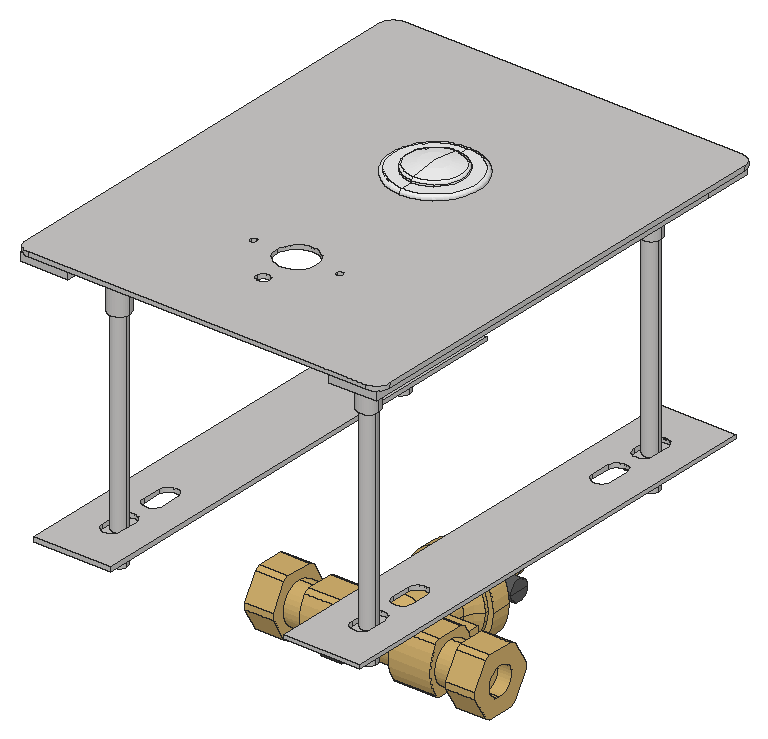
Revit family "PRD_AR_WllMntdBbTps_F3SSelfClosingWashbasinTap_F3SV10091", category Plumbing Fixtures, host Face, Revit 2023
Family settings
  Host = Face
  Round Connector Dimension = Use Diameter
  Part Type = Normal
  OmniClass Number = 23.45.05.14.99
  OmniClass Title = Other Sanitary Washing Plumbing Fixtures
  Enable Cutting in Views = Yes
  Cut with Voids When Loaded = Yes
  Maintain Annotation Orientation = No
  Shared = No
  Room Calculation Point = No
Parameters (values of type "F3SV1009")
  WorkingPressure = 0.0 Pa
  WithTransformerPowerSupply = "No"
  WithRosettesCoverPlate = "Yes"
  WaterConnection = "threaded connection (internal)"
  Waste Connection = yes
  WarrantyStartDate [instance] = "1900-12-31T23:59:59"
  WarrantyGuarantorParts = "n/a"
  WarrantyGuarantorLabor = "n/a"
  WarrantyDurationUnit = "n/a"
  WarrantyDurationParts = "n/a"
  WarrantyDurationLabor = "n/a"
  WarrantyDescription = "n/a"
  WallThickness [instance] = 130 mm
  WallThicknessControl [instance] = if(WallThickness < 60 mm, 60 mm, if(WallThickness > 500 mm, 500 mm, WallThickness))  # 130 mm
  WFU = 0
  VolumeFlowRateAt3Bar = "0.3 l/s"
  Version = "1"
  Vent Connection = yes
  ValveVerticalOffset [instance] = 0 mm
  ValvePattern = "STRAIGHT_2_PORT"
  ValveOperation = "HYDRAULIC"
  ValveOffsetFromWall [instance] = 200 mm
  ValveMechanism = "OTHER"
  ValveTurnOn [instance] = yes
  Uniclass2015Version = "Products v1.36"
  Uniclass2015Title = "Wall-mounted bib taps"
  Uniclass2015Code = "Pr_40_20_87_93"
  URL = "www.kwc-professional.com"
  TypeOfTap = "Bib tap"
  TypeOfOperation = "Manual operation"
  TypeOfMounting = "Concealed"
  TypeOfMixing = "No"
  Type IFC Predefined Type = "FLUSHING"
  ThermalDisinfection = "No"
  TestPressure = 0.0 Pa
  TemperatureLimit = "No"
  TagNumber [instance] = "n/a"
  SustainabilityPerformance = "n/a"
  SurfaceTreatmentFitting = "None"
  SurfaceFinishFitting = "Raw"
  SurfaceFinishCasing = "satin finished"
  Status = "New"
  Spout = "Fixed"
  SoundInsulation = "No"
  Size = "15"
  Shape = "n/a"
  SerialNumber [instance] = "n/a"
  Revision = "n/a"
  ReplacementCost = "n/a"
  Reference = "n/a"
  ProtectiveShutdown = "No"
  ProductInformation = "http://pim.kwc.com/product/2030067876/attachment/datasheet?locale=en"
  PopUpWasteSet = "No"
  NominalWidth = 190 mm
  NominalHeight = 245 mm
  NominalDepth = 2 mm
  Name = "F3S Self-closing washbasin tap F3SV1009"
  NBSTypeID = "n/a"
  NBSReference = "45-35-70/345"
  NBSOfficeMasterTag = "n/a"
  NBSNote = "n/a"
  NBSDescription = "Taps and water supply fittings for sinks"
  NBSCertification = "n/a"
  ModelReference = "F3SV1009"
  ModelNumber = "2030067876"
  Model = ModelReference  # "F3SV1009"
  MinimumFlowTime = "10 Seconds"
  MinimumFlowPressure = "1 bar"
  MaximumFlowTime = "20 Seconds"
  MaterialFitting = "brass-look"
  MaterialCodeCasing = "1.4301 Chrome Nickel steel V2A"
  MaterialCasing = "Stainless steel"
  Material = "stainless steel"
  ManufacturerURL = "www.kwc-professional.com"
  ManufacturerName = "KWC Group Management AG"
  Manufacturer = ManufacturerName  # "KWC Group Management AG"
  LockingMechanism = "Top section, non-ceramic"
  InstallationDate [instance] = "1900-12-31T23:59:59"
  InletSize = "G 1/2 B"
  IfcExportType = "USERDEFINED"
  IfcExportAs = "IfcValveType"
  HygieneFlushing = "No"
  HWFU = 0
  HW Connection = yes
  Grade = "n/a"
  FunctionalPrinciple = "hydraulic self-closing"
  FlowCoefficient = "0"
  Finish = "Satin finished"
  Features = "All-metal construction, visible parts polished chromium-plated. Stainless steel cover plate 190 x 245 x 2 mm. Wall outlet must be ordered separately."
  Export Type to IFC As = "IfcValveType"
  ExpectedLife = "n/a"
  DurationUnit = "n/a"
  DiameterNominal = "DN 15"
  Description = "F3S self-closing straight-way valve DN 15 for sanitary facilities, with remote control for concealed mounting. Especially suitable for facilities at risk of vandalism. Self-closing head part, hydraulically controlled for remote control, piston-free design, self-closing, for connection to pre-mixed hot water or cold water. All-metal construction, visible parts polished chromium-plated. Stainless steel cover plate 190 x 245 x 2 mm for invisible mounting via threaded rods up to a wall thickness of 50 to 500 mm, with recess for KWC wall outlet DN 15 (required separately), pre-mounted push-button actuation. Flush-mounted box, hydraulic control lines with empty conduit (2 m) and mounting material. Connection and maintenance via service room."
  Depressurised = "No"
  Default Elevation = 1219.2 mm
  CreateOn = "04/2025"  # constant formula
  CoverPlateWidth = "190 mm"
  CoverPlateHeight = "245 mm"
  Constituents = "n/a"
  CompatibleA3000Open = "No"
  Color = "stainless steel-look"
  CodePerformance = "n/a"
  CloseOffRating = 0.0 Pa
  Category = "Pr_40_20_87_93, Wall-mounted bib taps"
  CWFU = 0
  CW Connection = yes
  BuiltInFittingModel = "Finishing section"
  ButtonMaterial = PRD_AR_ChromatedBrass_HighPolished
  BodyMaterial = PRD_AR_StainlessSteel_Brushed
  Basic colour = "stainless steel-look"
  BarCode [instance] = "n/a"
  BIMObjectName = "PRD_AR_WallMountedBibTaps_F3SSelfClosingWashbasinTap_F3SV1009"
  Author = "Archispace"
  AssetType = "Fixed"
  AssetIdentifier [instance] = "n/a"
  AdjustableFlowTime = "Yes"
  AccessibilityPerformance = "n/a"
  AccentColour = "chrome-look (glossy)"
Reference planes
  plane 1 "Center (Front/Back)": y = 0
  plane 2: z = 0
  plane 3 "Center (Left/Right)": x = 0
  plane 4: y = 0
  plane 5: z = -200
  plane 6: x = -60
  plane 7: x = 60
  plane 8: y = 90
  plane 9: y = -30
  plane 10: z = -130
  plane 11: y = 94.5
  plane 12: y = -94.5
Forms (mm)
  Extrusion 1, void
    sketch origin (0, 0, 0) x (1, 0, 0) y (0, 1, 0)
      loop
        circle (0, 4.921) r 11.456
    from -25 to 17.126
  Sweep 2, void
    path origin (0, 0, 0) x (0, 1, 0) y (0, 0, 1)
      loop
        line (90, -200) -> (-30, -200)
    profile origin (0, 30, -200) x (0, 0, -1) y (1, 0, 0)
      loop
        line (-28.107, 60) -> (-28.107, -60) -> (26.893, -60) -> (26.893, 60) -> (-28.107, 60)
  Extrusion 3, void
    sketch origin (0, -530.468, -200) x (-1, 0, 0) y (0, 1, 0)
      loop
        line (68, 624.968) -> (-68, 624.968) -> (-68, 435.968) -> (68, 435.968) -> (68, 624.968)
    from -247.556 to -70
Dimensions and locks
  "ValveOffsetFromWall": level to plane 5
  "ValveVerticalOffset": plane 4 to plane 1 "Center (Front/Back)"
  Sweep 2 sketch curve to plane 5 to Sweep 2 sketch curve = 26.893 mm locked, 28.107 mm locked
  plane 8 to plane 4 to plane 9 = 90 mm locked, 30 mm locked
  plane 6 to plane 3 "Center (Left/Right)" to plane 7 = 60 mm locked, 60 mm locked
  "WallThicknessControl": level to plane 10
  Extrusion 3 to plane 3 "Center (Left/Right)" = 68 mm
  locked: plane 12 to plane 1 "Center (Front/Back)" at 94.5
  locked: plane 11 to plane 1 "Center (Front/Back)" at 94.5
  aligned and locked: plane 2 to host face
  aligned and locked: level to host face
  aligned and locked: Sweep 2 sketch curve to plane 5
  aligned and locked: plane 8 to Sweep 2 sketch curve
  aligned and locked: plane 9 to Sweep 2 sketch curve
  aligned and locked: Sweep 2 sketch curve to plane 6
  aligned and locked: plane 7 to Sweep 2 sketch curve
  aligned and locked: plane 3 "Center (Left/Right)" to nested 2
  aligned and locked: plane 4 to nested 2
  aligned and locked: nested 2 to plane 5
  aligned and locked: nested 1 to level
  aligned and locked: Extrusion 3 to plane 10
  aligned and locked: Extrusion 3 to plane 12
Automatic sketch dimensions
  host sketch curve to host sketch curve = 2438.4 mm  (x2)
  Extrusion 1 sketch curve to Extrusion 1 sketch curve = 0 mm  (x2)
  Extrusion 1 sketch curve to plane 3 "Center (Left/Right)" = 0 mm
  Extrusion 1 sketch curve to plane 1 "Center (Front/Back)" = 4.921 mm
  Extrusion 1 sketch curve to Extrusion 1 sketch curve = 11.456 mm
  Extrusion 3 sketch curve to plane 7 = 8 mm
  plane 6 to Extrusion 3 sketch curve = 8 mm
  plane 8 to Extrusion 3 sketch curve = 4.5 mm
  Extrusion 3 sketch curve to plane 9 = 64.5 mm
Nested families
  nested 1: "FlushingValve" at (0, 0, 0) x (-1, 0, 0) z (0, 0, 1), Wall Thickness <- "WallThickness", type "FlushingValve"
    with Wall Thickness_Control 130 mm, Wall Thickness 130 mm
  nested 2: "Valve" at (0, 0, -200) x (1, 0, 0) z (0, 1, 0), visible <- "ValveTurnOn", type "Valve"
Connectors
  piping at (-52.5, 0, -200), diameter 15
    settings: on nested 2, index 1, connector inside diameter 609.6 mm, connector length 0 mm, flow factor 0, pipe flow 0.0 L/s, pressure drop 0.0 Pa, fitting loss kfactor 0, connector angle 0.00°, fixture units 0, engagement length 0 mm, angle of deflection 0.00°, flow configuration 0, flow direction 1, fitting loss method 0, system type 7, joint type 0, gender type 0, connector reference index 2, connector utility 0, adjustable connector no, is connector primary yes, connector description "G3/4"
  piping at (52.5, 0, -200), diameter 15
    settings: on nested 2, index 2, connector inside diameter 609.6 mm, connector length 0 mm, flow factor 0, pipe flow 0.0 L/s, pressure drop 0.0 Pa, fitting loss kfactor 0, connector angle 0.00°, fixture units 0, engagement length 0 mm, angle of deflection 0.00°, flow configuration 0, flow direction 1, fitting loss method 0, system type 28, joint type 0, gender type 0, connector reference index 1, connector utility 0, adjustable connector no, is connector primary no, connector description "G3/4"
Definition of nested family "FlushingValve"
  Parameters (values of type "FlushingValve")
    Wall Thickness_Control [instance] = if(Wall Thickness < 60 mm, 60 mm, if(Wall Thickness > 500 mm, 500 mm, Wall Thickness))  # 130 mm
    Wall Thickness [instance] = 130 mm
    Material = none
    Default Elevation = 0 mm
    Brass Material = none
    Bottom material = none
  Reference planes
    plane 1 "Center (Front/Back)": y = 0
    plane 2: z = 0
    plane 3 "Center (Left/Right)": x = 0
    plane 4: z = -148.736
    plane 5: z = -132
    plane 6: z = -130
    plane 7: z = 2
    plane 8: z = -4.4
    plane 9: z = 26
    plane 10: z = -18
  Forms (mm)
    Extrusion 1, solid, material <- "Material", detail levels fine
      sketch origin (0, 0, 0) x (1, 0, 0) y (0, 1, 0)
        loop
          line (-95, 115.5) -> (-95, -115.5)
          arc (-95, -115.5) -> (-92.95, -120.45) -> (-88, -122.5) r 7
          line (-88, -122.5) -> (88, -122.5)
          arc (88, -122.5) -> (92.95, -120.45) -> (95, -115.5) r 7
          line (95, -115.5) -> (95, 115.5)
          arc (95, 115.5) -> (92.95, 120.45) -> (88, 122.5) r 7
          line (88, 122.5) -> (-88, 122.5)
          arc (-88, 122.5) -> (-92.95, 120.45) -> (-95, 115.5) r 7
        loop
          circle (0, 57.565) r 10.46
        loop
          circle (0, 79.476) r 3.344
        loop
          circle (22.447, 57.565) r 1.704
        loop
          circle (-22.447, 57.565) r 1.704
      from 0 to 2
    Revolve 2, solid, material <- "Bottom material", detail levels fine
      sketch origin (0, 0, 0) x (0, 1, 0) y (0, 0, 1)
        loop
          line (-32.5, 2) -> (-9.476, 2)
          arc (-9.476, 2) -> (-9.812, 3.387) -> (-11.1, 4) r 1.659
          line (-11.1, 4) -> (-17.607, 4) -> (-17.607, 4.796)
          arc (-17.607, 4.796) -> (-17.97, 5.59) -> (-18.706, 6.06) r 1.544
          arc (-18.706, 6.06) -> (-25.534, 7.522) -> (-32.5, 7.998) r 49.004
          line (-32.5, 7.998) -> (-32.5, 2)
        axis (-32.5, 7.998) -> (-32.5, 2)
      angle from 0 to 360
    Extrusion 3, solid, material <- "Brass Material", detail levels fine
      sketch origin (0, 0, 0) x (1, 0, 0) y (0, 1, 0)
        loop
          line (0, -16.334) -> (-14, -24.417) -> (-14, -40.583) -> (0, -48.666) -> (14, -40.583) -> (14, -24.417) -> (0, -16.334)
      from -4.4 to -1.436
    Extrusion 4, solid, material <- "Material", detail levels fine
      sketch origin (0, 0, 0) x (1, 0, 0) y (0, 1, 0)
        loop
          line (-93, 121.5) -> (-93, -94.5) -> (-68, -94.5) -> (-68, 121.5) -> (-93, 121.5)
        loop
          line (93, 121.5) -> (68, 121.5) -> (68, -94.5) -> (93, -94.5) -> (93, 121.5)
      from -4.4 to 0
    Extrusion 5, solid, material <- "Material", detail levels fine
      sketch origin (0, 0, 0) x (1, 0, 0) y (0, 1, 0)
        loop
          line (-93, -94.5) -> (-93, -119.5) -> (93, -119.5) -> (93, -94.5) -> (-93, -94.5)
      from -4.4 to 0
    Extrusion 6, solid, material <- "Material", detail levels medium+fine
      sketch origin (0, 0, 0) x (1, 0, 0) y (0, 1, 0)
        loop
          circle (-64.946, 92.047) r 5.42
      from -30.436 to 0
    Extrusion 7, solid, material <- "Material", detail levels medium+fine
      sketch origin (0, 0, 0) x (-1, 0, 0) y (0, -1, 0)
        loop
          circle (-64.946, -92.047) r 5.42
      from -30.436 to 0
    Extrusion 8, solid, material <- "Material", detail levels medium+fine
      sketch origin (0, 0, 0) x (-1, 0, 0) y (0, -1, 0)
        loop
          circle (-64.946, 92.047) r 5.42
      from -30.436 to 0
    Extrusion 9, solid, material <- "Material", detail levels medium+fine
      sketch origin (0, 0, 0) x (1, 0, 0) y (0, 1, 0)
        loop
          circle (-64.946, -92.047) r 5.42
      from -30.436 to 0
    Extrusion 10, solid, material <- "Material", detail levels medium+fine
      sketch origin (0, 0, 0) x (1, 0, 0) y (0, 1, 0)
        loop
          circle (-64.946, 92.047) r 4.038
        loop
          circle (64.946, 92.047) r 4.038
        loop
          circle (64.946, -92.047) r 4.038
        loop
          circle (-64.946, -92.047) r 4.038
      from -148.736 to -30.436
    Sweep 11, solid, material <- "Material", detail levels fine
      path origin (0, 0, 0) x (0, 1, 0) y (0, 0, 1)
        loop
          line (122.5, -132) -> (122.5, -130)
      profile origin (0, 122.5, -131) x (0, -1, 0) y (1, 0, 0)
        loop
          line (0, -85) -> (245, -85) -> (245, -45) -> (0, -45) -> (0, -85)
        loop
          line (192.5, -60) -> (182.5, -60)
          arc (182.5, -60) -> (177.5, -65) -> (182.5, -70) r 5
          line (182.5, -70) -> (192.5, -70)
          arc (192.5, -70) -> (197.5, -65) -> (192.5, -60) r 5
        loop
          line (219.5, -60) -> (209.5, -60)
          arc (209.5, -60) -> (204.5, -65) -> (209.5, -70) r 5
          line (209.5, -70) -> (219.5, -70)
          arc (219.5, -70) -> (224.5, -65) -> (219.5, -60) r 5
        loop
          arc (52.5, -60) -> (47.5, -65) -> (52.5, -70) r 5
          line (52.5, -70) -> (62.5, -70)
          arc (62.5, -70) -> (67.5, -65) -> (62.5, -60) r 5
          line (62.5, -60) -> (52.5, -60)
        loop
          arc (25.5, -60) -> (20.5, -65) -> (25.5, -70) r 5
          line (25.5, -70) -> (35.5, -70)
          arc (35.5, -70) -> (40.5, -65) -> (35.5, -60) r 5
          line (35.5, -60) -> (25.5, -60)
        loop
          line (0, 85) -> (0, 45) -> (245, 45) -> (245, 85) -> (0, 85)
        loop
          arc (192.5, 60) -> (197.5, 65) -> (192.5, 70) r 5
          line (192.5, 70) -> (182.5, 70)
          arc (182.5, 70) -> (177.5, 65) -> (182.5, 60) r 5
          line (182.5, 60) -> (192.5, 60)
        loop
          arc (219.5, 60) -> (224.5, 65) -> (219.5, 70) r 5
          line (219.5, 70) -> (209.5, 70)
          arc (209.5, 70) -> (204.5, 65) -> (209.5, 60) r 5
          line (209.5, 60) -> (219.5, 60)
        loop
          line (52.5, 60) -> (62.5, 60)
          arc (62.5, 60) -> (67.5, 65) -> (62.5, 70) r 5
          line (62.5, 70) -> (52.5, 70)
          arc (52.5, 70) -> (47.5, 65) -> (52.5, 60) r 5
        loop
          line (25.5, 60) -> (35.5, 60)
          arc (35.5, 60) -> (40.5, 65) -> (35.5, 70) r 5
          line (35.5, 70) -> (25.5, 70)
          arc (25.5, 70) -> (20.5, 65) -> (25.5, 60) r 5
    Sweep 12, solid, material <- "Material", detail levels fine
      path origin (0, 0, 0) x (0, 1, 0) y (0, 0, 1)
        loop
          line (106, -135) -> (106, -132)
      profile origin (0, 106, -133.5) x (0, -1, 0) y (1, 0, 0)
        loop
          circle (13.984, -64.949) r 13.871
        loop
          circle (13.984, 64.949) r 13.871
        loop
          circle (198.016, -64.949) r 13.871
        loop
          circle (198.016, 64.949) r 13.871
    Sweep 13, solid, material <- "Material", detail levels fine
      path origin (0, 0, 0) x (0, 1, 0) y (0, 0, 1)
        loop
          line (93.672, -141.8) -> (93.672, -135)
      profile origin (0, 93.672, -138.4) x (0, -1, 0) y (1, 0, 0)
        loop
          line (-5.834, -65) -> (-2.081, -71.5) -> (5.425, -71.5) -> (9.177, -65) -> (5.425, -58.5) -> (-2.081, -58.5) -> (-5.834, -65)
        loop
          line (-5.834, 65) -> (-2.081, 58.5) -> (5.425, 58.5) -> (9.177, 65) -> (5.425, 71.5) -> (-2.081, 71.5) -> (-5.834, 65)
        loop
          line (193.177, -65) -> (189.425, -58.5) -> (181.919, -58.5) -> (178.166, -65) -> (181.919, -71.5) -> (189.425, -71.5) -> (193.177, -65)
        loop
          line (193.177, 65) -> (189.425, 71.5) -> (181.919, 71.5) -> (178.166, 65) -> (181.919, 58.5) -> (189.425, 58.5) -> (193.177, 65)
    Extrusion 14, solid, material <- "Material", detail levels coarse
      sketch origin (0, 122.5, -132) x (0, 1, 0) y (-1, 0, 0)
        loop
          line (0, 95) -> (-245, 95) -> (-245, -95) -> (0, -95) -> (0, 95)
      from -16.736 to 134
    Extrusion 15, solid, material <- "Material", detail levels medium
      sketch origin (0, 122.5, -132) x (0, 1, 0) y (-1, 0, 0)
        loop
          line (-245, 95) -> (-245, -95) -> (0, -95) -> (0, 95) -> (-245, 95)
      from 127.6 to 134
    Sweep 16, solid, material <- "Material", detail levels medium
      path origin (0, 0, 0) x (0, 1, 0) y (0, 0, 1)
        loop
          line (122.5, -132) -> (122.5, -130)
      profile origin (0, 122.5, -131) x (0, -1, 0) y (1, 0, 0)
        loop
          line (0, -85) -> (245, -85) -> (245, -45) -> (0, -45) -> (0, -85)
        loop
          line (0, 85) -> (0, 45) -> (245, 45) -> (245, 85) -> (0, 85)
    Revolve 17, solid, material <- "Brass Material", detail levels fine
      sketch origin (0, 0, 0) x (0, 1, 0) y (0, 0, 1)
        loop
          line (-32.5, -60) -> (-8.783, -60) -> (1.5, -49.717) -> (1.5, 0) -> (-32.5, 0) -> (-32.5, -60)
        axis (-32.5, 0) -> (-32.5, -60)
      angle from 0 to 360
    Revolve 18, solid, material <- "Bottom material", detail levels coarse+medium
      sketch origin (0, 0, 0) x (0, 1, 0) y (0, 0, 1)
        loop
          line (-32.5, 2) -> (-9.476, 2) -> (-9.476, 7.998) -> (-32.5, 7.998) -> (-32.5, 2)
        axis (-32.5, 7.998) -> (-32.5, 2)
      angle from 0 to 360
    Revolve 19, solid, material <- "Brass Material", detail levels medium
      sketch origin (0, 0, 0) x (0, 1, 0) y (0, 0, 1)
        loop
          line (-32.5, -60) -> (1.5, -60) -> (1.5, 0) -> (-32.5, 0) -> (-32.5, -60)
        axis (-32.5, 0) -> (-32.5, -60)
      angle from 0 to 360
  Dimensions and locks
    locked: plane 5 to plane 4 at 16.736
    locked: Sweep 11 sketch curve to plane 5 at 2
    locked: Sweep 12 sketch curve to Sweep 12 sketch curve at 3
    locked: plane 5 to Sweep 13 sketch curve at 3
    locked: Sweep 13 sketch curve to Sweep 13 sketch curve at 6.8
    locked: plane 6 to plane 5 at 2
    "Wall Thickness_Control": level to plane 6
    aligned and locked: level to plane 2
    aligned and locked: Extrusion 10 to plane 4
    aligned and locked: plane 5 to Sweep 11 sketch curve
    aligned and locked: plane 5 to Sweep 12 sketch curve
    aligned and locked: Extrusion 14 to plane 4
    aligned and locked: Extrusion 15 to Extrusion 3
    aligned and locked: Extrusion 15 to Extrusion 1
    aligned and locked: Extrusion 14 to Extrusion 1
  Automatic sketch dimensions
    Extrusion 3 sketch curve to plane 3 "Center (Left/Right)" = 0 mm  (x2)
    Extrusion 3 sketch curve to plane 3 "Center (Left/Right)" = 14 mm
    plane 3 "Center (Left/Right)" to Extrusion 3 sketch curve = 14 mm
    plane 1 "Center (Front/Back)" to Extrusion 3 sketch curve = 48.666 mm
    Extrusion 3 sketch curve to Extrusion 3 sketch curve = 8.083 mm  (x3)
    Extrusion 3 sketch curve to Extrusion 3 sketch curve = 16.166 mm  (x2)
    Extrusion 4 sketch curve to plane 3 "Center (Left/Right)" = 93 mm
    Extrusion 4 sketch curve to Extrusion 4 sketch curve = 25 mm  (x2)
    plane 3 "Center (Left/Right)" to Extrusion 4 sketch curve = 68 mm
    plane 1 "Center (Front/Back)" to Extrusion 4 sketch curve = 94.5 mm  (x2)
    Extrusion 4 sketch curve to plane 1 "Center (Front/Back)" = 121.5 mm  (x2)
    Extrusion 5 sketch curve to plane 3 "Center (Left/Right)" = 93 mm
    plane 3 "Center (Left/Right)" to Extrusion 5 sketch curve = 93 mm
    plane 1 "Center (Front/Back)" to Extrusion 5 sketch curve = 119.5 mm
    Extrusion 5 sketch curve to Extrusion 5 sketch curve = 25 mm
    Extrusion 6 sketch curve to plane 3 "Center (Left/Right)" = 64.946 mm
    Extrusion 6 sketch curve to plane 1 "Center (Front/Back)" = 92.047 mm
    plane 3 "Center (Left/Right)" to Extrusion 7 sketch curve = 64.946 mm
    Extrusion 7 sketch curve to plane 1 "Center (Front/Back)" = 92.047 mm
    plane 3 "Center (Left/Right)" to Extrusion 8 sketch curve = 64.946 mm
    plane 1 "Center (Front/Back)" to Extrusion 8 sketch curve = 92.047 mm
    Extrusion 9 sketch curve to plane 3 "Center (Left/Right)" = 64.946 mm
    plane 1 "Center (Front/Back)" to Extrusion 9 sketch curve = 92.047 mm
    Extrusion 10 sketch curve to plane 3 "Center (Left/Right)" = 64.946 mm  (x2)
    plane 3 "Center (Left/Right)" to Extrusion 10 sketch curve = 64.946 mm  (x2)
    plane 1 "Center (Front/Back)" to Extrusion 10 sketch curve = 92.047 mm  (x2)
    Extrusion 10 sketch curve to plane 1 "Center (Front/Back)" = 92.047 mm  (x2)
    Sweep 11 sketch curve to plane 1 "Center (Front/Back)" = 122.5 mm
    Sweep 11 sketch curve to profile plane = 0 mm  (x2)
    Sweep 11 sketch curve to profile plane = 25.5 mm  (x2)
    Sweep 11 sketch curve to Sweep 11 sketch curve = 10 mm  (x8)
    Sweep 11 sketch curve to Sweep 11 sketch curve = 17 mm  (x4)
    Sweep 11 sketch curve to plane 3 "Center (Left/Right)" = 70 mm  (x2)
    Sweep 11 sketch curve to Sweep 11 sketch curve = 120 mm  (x2)
    Sweep 11 sketch curve to Sweep 11 sketch curve = 25.5 mm  (x2)
    Sweep 11 sketch curve to Sweep 11 sketch curve = 15 mm  (x5)
    Sweep 11 sketch curve to Sweep 11 sketch curve = 0 mm  (x4)
    Sweep 11 sketch curve to Sweep 11 sketch curve = 5 mm  (x8)
    plane 3 "Center (Left/Right)" to Sweep 11 sketch curve = 45 mm
    Sweep 12 sketch curve to plane 1 "Center (Front/Back)" = 106 mm
    Sweep 12 sketch curve to profile plane = 13.984 mm  (x2)
    plane 3 "Center (Left/Right)" to Sweep 12 sketch curve = 64.949 mm  (x2)
    Sweep 12 sketch curve to Sweep 12 sketch curve = 184.032 mm
    Sweep 12 sketch curve to plane 3 "Center (Left/Right)" = 64.949 mm  (x2)
    Sweep 12 sketch curve to Sweep 12 sketch curve = 0 mm
    Sweep 13 sketch curve to plane 1 "Center (Front/Back)" = 93.672 mm
    profile plane to Sweep 13 sketch curve = 5.834 mm  (x2)
    profile plane to Sweep 13 sketch curve = 2.081 mm  (x4)
    Sweep 13 sketch curve to profile plane = 5.425 mm  (x4)
    Sweep 13 sketch curve to Sweep 13 sketch curve = 3.753 mm  (x8)
    plane 3 "Center (Left/Right)" to Sweep 13 sketch curve = 65 mm  (x2)
    Sweep 13 sketch curve to Sweep 13 sketch curve = 168.989 mm
    Sweep 13 sketch curve to plane 3 "Center (Left/Right)" = 65 mm  (x2)
    Sweep 13 sketch curve to Sweep 13 sketch curve = 0 mm
    Sweep 13 sketch curve to plane 3 "Center (Left/Right)" = 71.5 mm  (x2)
    plane 3 "Center (Left/Right)" to Sweep 13 sketch curve = 71.5 mm
    plane 3 "Center (Left/Right)" to Sweep 13 sketch curve = 58.5 mm  (x2)
    Sweep 13 sketch curve to Sweep 13 sketch curve = 7.506 mm  (x4)
    Sweep 13 sketch curve to Sweep 13 sketch curve = 6.5 mm  (x7)
    plane 1 "Center (Front/Back)" to Extrusion 14 sketch curve = 122.5 mm
    plane 3 "Center (Left/Right)" to Extrusion 14 sketch curve = 95 mm
    Extrusion 14 sketch curve to plane 1 "Center (Front/Back)" = 122.5 mm
    Extrusion 14 sketch curve to plane 3 "Center (Left/Right)" = 95 mm
    plane 1 "Center (Front/Back)" to Extrusion 15 sketch curve = 122.5 mm
    Extrusion 15 sketch curve to plane 3 "Center (Left/Right)" = 95 mm
    plane 3 "Center (Left/Right)" to Extrusion 15 sketch curve = 95 mm
    Extrusion 15 sketch curve to plane 1 "Center (Front/Back)" = 122.5 mm
    Sweep 16 sketch curve to plane 6 = 0 mm
    Sweep 16 sketch curve to plane 5 = 0 mm
    Sweep 16 sketch curve to plane 1 "Center (Front/Back)" = 122.5 mm
    Sweep 16 sketch curve to profile plane = 0 mm  (x2)
    plane 3 "Center (Left/Right)" to Sweep 16 sketch curve = 45 mm
    Sweep 16 sketch curve to plane 3 "Center (Left/Right)" = 85 mm
    Sweep 16 sketch curve to Sweep 16 sketch curve = 40 mm  (x2)
    Sweep 16 sketch curve to Sweep 16 sketch curve = 0 mm
    Sweep 16 sketch curve to profile plane = 245 mm
    Revolve 2 sketch curve to plane 7 = 0 mm
    plane 1 "Center (Front/Back)" to Revolve 2 sketch curve = 32.5 mm
    plane 1 "Center (Front/Back)" to Revolve 2 sketch curve = 32.354 mm
    plane 7 to Revolve 2 sketch curve = 2.577 mm
    Revolve 2 sketch curve to Revolve 2 sketch curve = 13.364 mm
    Revolve 2 sketch curve to Revolve 2 sketch curve = 1.528 mm
    plane 7 to Revolve 2 sketch curve = 0.341 mm
    Revolve 2 sketch curve to Revolve 2 sketch curve = 6.507 mm
    Revolve 2 sketch curve to Revolve 2 sketch curve = 1.624 mm
    Revolve 2 sketch curve to plane 10 = 23.005 mm
    Revolve 2 sketch curve to Revolve 2 sketch curve = 0.796 mm
    Revolve 2 sketch curve to Revolve 2 sketch curve = 5.998 mm
    Revolve 2 sketch curve to Revolve 2 sketch curve = 0 mm  (x2)
    plane 8 to Revolve 2 sketch curve = 1.4 mm
    Revolve 17 sketch curve to level = 0 mm
    Revolve 17 sketch curve to plane 8 = 0 mm
    plane 1 "Center (Front/Back)" to Revolve 17 sketch curve = 32.5 mm
    plane 1 "Center (Front/Back)" to Revolve 17 sketch curve = 8.783 mm
    Revolve 17 sketch curve to plane 1 "Center (Front/Back)" = 1.5 mm
    Revolve 17 sketch curve to plane 10 = 31.717 mm
    Revolve 17 sketch curve to Revolve 17 sketch curve = 10.283 mm
    Revolve 17 sketch curve to Revolve 17 sketch curve = 0 mm
    Revolve 17 sketch curve to Revolve 17 sketch curve = 19.4 mm
    Revolve 19 sketch curve to level = 0 mm
    Revolve 19 sketch curve to plane 8 = 0 mm
    plane 1 "Center (Front/Back)" to Revolve 19 sketch curve = 32.5 mm
    Revolve 19 sketch curve to plane 10 = 42 mm
    Revolve 19 sketch curve to Revolve 19 sketch curve = 0 mm
    Revolve 19 sketch curve to Revolve 19 sketch curve = 19.4 mm
    Revolve 19 sketch curve to plane 1 "Center (Front/Back)" = 1.5 mm
    Revolve 18 sketch curve to plane 7 = 0 mm
    plane 1 "Center (Front/Back)" to Revolve 18 sketch curve = 32.5 mm
    Revolve 18 sketch curve to Revolve 18 sketch curve = 5.998 mm
    plane 8 to Revolve 18 sketch curve = 1.4 mm
    plane 1 "Center (Front/Back)" to Revolve 18 sketch curve = 9.476 mm
    Revolve 18 sketch curve to Revolve 18 sketch curve = 0 mm  (x2)
    Extrusion 1 sketch curve to plane 3 "Center (Left/Right)" = 0 mm  (x2)
    Extrusion 1 sketch curve to plane 3 "Center (Left/Right)" = 22.447 mm
    Extrusion 1 sketch curve to plane 3 "Center (Left/Right)" = 88 mm  (x2)
    Extrusion 1 sketch curve to Extrusion 1 sketch curve = 7 mm  (x2)
    plane 3 "Center (Left/Right)" to Extrusion 1 sketch curve = 22.447 mm
    plane 3 "Center (Left/Right)" to Extrusion 1 sketch curve = 88 mm  (x2)
    plane 1 "Center (Front/Back)" to Extrusion 1 sketch curve = 122.5 mm
    Extrusion 1 sketch curve to plane 1 "Center (Front/Back)" = 57.565 mm
    Extrusion 1 sketch curve to Extrusion 1 sketch curve = 0 mm  (x2)
    Extrusion 1 sketch curve to Extrusion 1 sketch curve = 21.912 mm
    Extrusion 1 sketch curve to Extrusion 1 sketch curve = 57.935 mm
    radius of Extrusion 6 sketch curve = 5.42 mm
    radius of Extrusion 7 sketch curve = 5.42 mm
    radius of Extrusion 8 sketch curve = 5.42 mm
    radius of Extrusion 9 sketch curve = 5.42 mm
    radius of Extrusion 10 sketch curve = 4.038 mm  (x4)
    radius of Sweep 12 sketch curve = 13.871 mm  (x4)
    radius of Extrusion 1 sketch curve = 10.46 mm
    radius of Extrusion 1 sketch curve = 3.344 mm
    radius of Extrusion 1 sketch curve = 1.704 mm  (x2)
Definition of nested family "Valve"
  Parameters (values of type "Valve")
    Default Elevation = 1219.2 mm
    Brass Material = none
  Reference planes
    plane 1 "Center (Front/Back)": y = 0
    plane 2: z = 0
    plane 3 "Center (Left/Right)": x = 0
    plane 4: z = 0
  Forms (mm)
    Extrusion 1, solid, material <- "Brass Material", detail levels medium+fine
      sketch origin (0, 122.5, -132) x (0, 1, 0) y (-1, 0, 0)
        loop
          circle (-122.5, 0) r 23
      from 174 to 184
    Revolve 2, solid, material <- "Brass Material", detail levels fine
      sketch origin (0, 0, 15.74) x (-1, 0, 0) y (0, 0, 1)
        loop
          line (-19.005, 47.75) -> (-5.486, 47.75) -> (-5.486, 50.989) -> (-7.527, 50.989) -> (-9.538, 53) -> (-19.005, 53) -> (-19.005, 47.75)
        axis (-5.486, 47.75) -> (-19.005, 47.75)
      angle from 0 to 360
    Revolve 3, solid, material <- "Brass Material", detail levels fine
      sketch origin (0, 0, 15.74) x (0, 1, 0) y (0, 0, 1)
        loop
          line (5.995, 69.267) -> (5.995, 66.494) -> (6.976, 66.494) -> (6.976, 65.016) -> (5.448, 65.016) -> (5.448, 63.016) -> (3.221, 63.016)
          arc (3.221, 63.016) -> (3.246, 62.608) -> (3.444, 62.25) r 0.929
          line (3.444, 62.25) -> (5.682, 62.25) -> (5.682, 54.688) -> (6.925, 54.688) -> (6.925, 40.26) -> (10, 40.26) -> (10, 36.26) -> (0, 36.26) -> (0, 71.469)
          arc (0, 71.469) -> (2.793, 71.216) -> (5.415, 70.218) r 10.3
          arc (5.415, 70.218) -> (5.846, 69.798) -> (5.995, 69.214) r 1.114
        axis (0, 71.469) -> (0, 36.26)
      angle from 0 to 360
    Extrusion 4, solid, detail levels fine
      sketch origin (0, 122.5, -116.26) x (0, 1, 0) y (-1, 0, 0)
        loop
          line (-117.024, 4.262) -> (-121.524, 6.86) -> (-123.524, 6.86) -> (-128.024, 4.262) -> (-129.024, 2.53) -> (-129.024, -2.666) -> (-128.024, -4.398) -> (-123.524, -6.997) -> (-121.524, -6.997) -> (-117.024, -4.398) -> (-116.024, -2.666) -> (-116.024, 2.53) -> (-117.024, 4.262)
      from 187.25 to 194.25
    Revolve 5, solid, detail levels fine
      sketch origin (22.051, 33.382, -21.748) x (0.768333, 0.64005, 0) y (-0.64005, 0.768333, 0)
        loop
          line (-53.909, -2.304) -> (-51.878, -3.977) -> (-51.072, -6.318) -> (-44.027, -12.24) -> (-41.291, -8.986) -> (-54.299, 1.949)
          arc (-54.299, 1.949) -> (-54.991, -0.258) -> (-53.909, -2.304) r 3.005
        axis (-41.291, -8.986) -> (-54.299, 1.949)
      angle from 0 to 360
    Extrusion 6, solid, detail levels fine
      sketch origin (22.051, 33.382, -31.564) x (0.768333, 0.64005, 0) y (-0.64005, 0.768333, 0)
        loop
          line (-56.969, -2.357) -> (-53.459, -5.303) -> (-52.443, -5.482) -> (-48.137, -3.915) -> (-47.474, -3.125) -> (-46.678, 1.388) -> (-47.031, 2.357) -> (-50.541, 5.303) -> (-51.557, 5.482) -> (-55.863, 3.915) -> (-56.526, 3.125) -> (-57.322, -1.388) -> (-56.969, -2.357)
      from 14.314 to 17.605
    Revolve 7, solid, material <- "Brass Material", detail levels fine
      sketch origin (22.051, 33.382, 5.529) x (0, 0, 1) y (0.768333, 0.64005, 0)
        loop
          line (-14.092, -52) -> (-28.004, -52) -> (-28.004, -54.831) -> (-22.75, -54.831) -> (-22.75, -57) -> (-14.092, -57) -> (-14.092, -52)
        axis (-14.092, -52) -> (-28.004, -52)
      angle from 0 to 360
    Revolve 8, solid, detail levels fine
      sketch origin (22.051, 33.382, 5.529) x (0, 0, 1) y (0.768333, 0.64005, 0)
        loop
          line (-22.75, -52) -> (-24.25, -52) -> (-24.25, -55.993) -> (-22.75, -55.993) -> (-22.75, -52)
        axis (-22.75, -52) -> (-24.25, -52)
      angle from 0 to 360
    Extrusion 9, solid, material <- "Brass Material", detail levels fine
      sketch origin (0, 0, 0) x (0, 1, 0) y (0, 0, 1)
        loop
          line (13.453, 9.553) -> (1.547, 16.427) -> (-1.547, 16.427) -> (-13.453, 9.553) -> (-15, 6.874) -> (-15, -6.874) -> (-13.453, -9.553) -> (-1.547, -16.427) -> (1.547, -16.427) -> (13.453, -9.553) -> (15, -6.874) -> (15, 6.874) -> (13.453, 9.553)
        loop
          circle (0, 0) r 7.5
      from -60 to -45
    Revolve 10, solid, material <- "Brass Material", detail levels fine
      sketch origin (0, 0, 0) x (1, 0, 0) y (0, 0, 1)
        loop
          line (0, 0) -> (0, 42) -> (-20, 42) -> (-20, 40.627)
          arc (-20, 40.627) -> (-17.011, 36.76) -> (-14.821, 32.39) r 25.301
          line (-14.821, 32.39) -> (-14.821, 11.566) -> (-9.911, 0) -> (0, 0)
        axis (0, 42) -> (0, 0)
      angle from 0 to 360
    Extrusion 11, solid, material <- "Brass Material", detail levels fine
      sketch origin (0, 0, 0) x (0, 1, 0) y (0, 0, 1)
        loop
          line (13.42, -6.93) -> (13.42, 6.93)
          arc (13.42, 6.93) -> (13.048, 8.452) -> (12.017, 9.631) r 3.3
          arc (12.017, 9.631) -> (-0.007, 13.429) -> (-12.028, 9.623) r 20.909
          arc (-12.028, 9.623) -> (-13.051, 8.452) -> (-13.42, 6.942) r 3.277
          line (-13.42, 6.942) -> (-13.42, -6.942)
          arc (-13.42, -6.942) -> (-13.051, -8.452) -> (-12.028, -9.623) r 3.277
          arc (-12.028, -9.623) -> (-0.007, -13.429) -> (12.017, -9.631) r 20.909
          arc (12.017, -9.631) -> (13.048, -8.452) -> (13.42, -6.93) r 3.3
      from -34 to -12.428
    Extrusion 12, solid, material <- "Brass Material", detail levels fine
      sketch origin (0, 0, 0) x (1, 0, 0) y (0, 0, 1)
        loop
          line (-30.001, 12.252) -> (-12.428, 12.252) -> (-12.428, 22.839) -> (-30.001, 22.839) -> (-30.001, 12.252)
      from -5 to 5
    Extrusion 13, solid, material <- "Brass Material", detail levels fine
      sketch origin (0, 0, 0) x (0, 1, 0) y (0, 0, -1)
        loop
          line (13.453, -9.553) -> (15, -6.874) -> (15, 6.874) -> (13.453, 9.553) -> (1.547, 16.427) -> (-1.547, 16.427) -> (-13.453, 9.553) -> (-15, 6.874) -> (-15, -6.874) -> (-13.453, -9.553) -> (-1.547, -16.427) -> (1.547, -16.427) -> (13.453, -9.553)
        loop
          circle (0, 0) r 7.5
      from -60 to -45
    Extrusion 14, solid, material <- "Brass Material", detail levels fine
      sketch origin (0, 0, 0) x (0, 1, 0) y (0, 0, -1)
        loop
          arc (13.42, 6.93) -> (13.048, 8.452) -> (12.017, 9.631) r 3.3
          arc (12.017, 9.631) -> (-0.007, 13.429) -> (-12.028, 9.623) r 20.909
          arc (-12.028, 9.623) -> (-13.051, 8.452) -> (-13.42, 6.942) r 3.277
          line (-13.42, 6.942) -> (-13.42, -6.942)
          arc (-13.42, -6.942) -> (-13.051, -8.452) -> (-12.028, -9.623) r 3.277
          arc (-12.028, -9.623) -> (-0.007, -13.429) -> (12.017, -9.631) r 20.909
          arc (12.017, -9.631) -> (13.048, -8.452) -> (13.42, -6.93) r 3.3
          line (13.42, -6.93) -> (13.42, 6.93)
      from -34 to -12.428
    Extrusion 15, solid, material <- "Brass Material", detail levels fine
      sketch origin (0, 0, 0) x (-1, 0, 0) y (0, 0, -1)
        loop
          line (-30.001, -12.252) -> (-30.001, -22.839) -> (-12.428, -22.839) -> (-12.428, -12.252) -> (-30.001, -12.252)
      from -5 to 5
    Revolve 16, solid, material <- "Brass Material", detail levels medium
      sketch origin (0, 0, 0) x (0, 1, 0) y (0, 0, 1)
        loop
          line (0, 87.99) -> (0, 52) -> (10, 52) -> (10, 56) -> (6.917, 56) -> (6.917, 87.99) -> (0, 87.99)
        axis (0, 87.99) -> (0, 52)
      angle from 0 to 360
    Extrusion 17, solid, material <- "Brass Material", detail levels medium
      sketch origin (0, 0, 0) x (0, 1, 0) y (0, 0, 1)
        loop
          circle (0, 0) r 16.5
      from -60 to -45
    Revolve 18, solid, material <- "Brass Material", detail levels medium
      sketch origin (0, 0, 0) x (1, 0, 0) y (0, 0, 1)
        loop
          line (0, 0) -> (0, 42) -> (-20, 42) -> (-20, 40.627) -> (-14.821, 32.39) -> (-14.821, 11.566) -> (-9.911, 0) -> (0, 0)
        axis (0, 42) -> (0, 0)
      angle from 0 to 360
    Revolve 19, solid, material <- "Brass Material", detail levels medium
      sketch origin (0, 0, 0) x (1, 0, 0) y (0, 0, 1)
        loop
          line (-52.5, 0) -> (52.5, 0) -> (52.5, 10.606) -> (-52.5, 10.606) -> (-52.5, 0)
        axis (52.5, 0) -> (-52.5, 0)
      angle from 0 to 360
    Extrusion 20, solid, material <- "Brass Material", detail levels medium
      sketch origin (0, 0, 0) x (0, 1, 0) y (0, 0, -1)
        loop
          circle (0, 0) r 16.427
      from -60 to -45
    Extrusion 21, solid, material <- "Brass Material", detail levels fine
      sketch origin (0, 0, 0) x (0, 1, 0) y (0, 0, 1)
        loop
          circle (0, 0) r 10.606
      from -52.5 to 52.5
    Extrusion 22, solid, material <- "Brass Material", detail levels coarse
      sketch origin (0, 122.5, -132) x (0, 1, 0) y (-1, 0, 0)
        loop
          line (-99.5, 60) -> (-145.5, 60) -> (-145.5, -60) -> (-99.5, -60) -> (-99.5, 60)
      from 106 to 219.99
  Cuts and joins
    joined: Extrusion 9, Revolve 10, Extrusion 11, Extrusion 12, Extrusion 13, Extrusion 14, Extrusion 15
    joined: Revolve 18, Revolve 19
  Dimensions and locks
    aligned and locked: level to plane 2
    aligned and locked: level to plane 4
